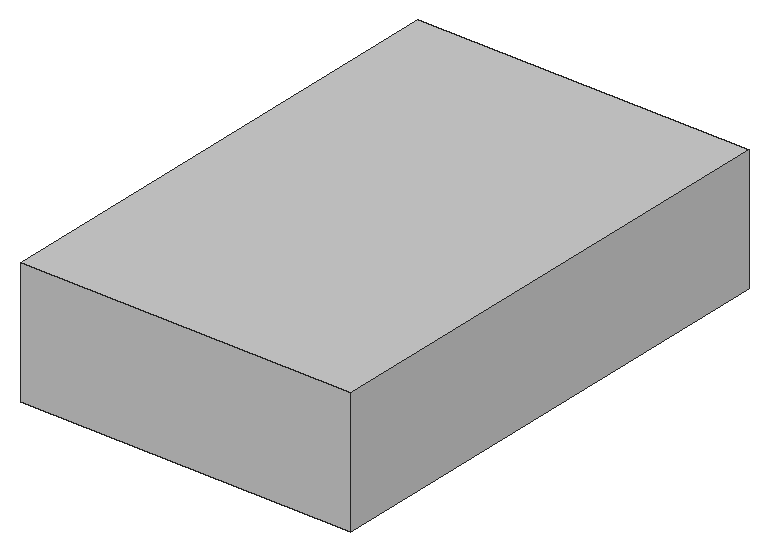
Revit family "Footing-Rectangular", category Structural Foundations, Revit 2020
Family settings
  Material for Model Behavior = Other
  Cap = No
  OmniClass Number = 23.25.05.17
  OmniClass Title = Shallow Foundations
  Work Plane-Based = No
  Always vertical = Yes
  Cut with Voids When Loaded = No
  Shared = No
Parameters (values of type "72" x 48" x 18"")
  Width = 4' - 0"
  Structural Material [instance] = Concrete, Cast-in-Place gray
  Length = 6' - 0"
  Foundation Thickness = 1' - 6"
  Assembly Code = "A1010100"
Types (3): name | Width | Length
  (no name) | 4' - 0" | 6' - 0"
  72" x 48" x 18" | 4' - 0" | 6' - 0"
  96" x 72" x 18" | 6' - 0" | 8' - 0"
Reference planes (in)
  plane 1 "Center (Front/Back)": y = 0
  plane 2: z = 0
  plane 3 "Center (Left/Right)": x = 0
  plane 4: x = -24
  plane 5: x = 24
  plane 6: y = 36
  plane 7: y = -36
Forms (in)
  Extrusion 1, solid, material "Concrete, Cast-in-Place gray" <- "Structural Material"
    sketch origin (0, 0, 0) x (1, 0, 0) y (0, 1, 0)
      loop
        line (-24, 36) -> (-24, -36) -> (24, -36) -> (24, 36) -> (-24, 36)
    from -18 to 0
Dimensions and locks (in)
  "Foundation Thickness": plane 2 to Extrusion 1
  "Width": plane 4 to plane 5
  "Length": plane 6 to plane 7
  equal spacing: plane 6, plane 1 "Center (Front/Back)", plane 7
  equal spacing: plane 4, plane 3 "Center (Left/Right)", plane 5
  aligned and locked: plane 4 to Extrusion 1 sketch curve
  aligned and locked: Extrusion 1 sketch curve to plane 5
  aligned and locked: Extrusion 1 sketch curve to plane 6
  aligned and locked: plane 7 to Extrusion 1 sketch curve
  aligned and locked: level to Extrusion 1
